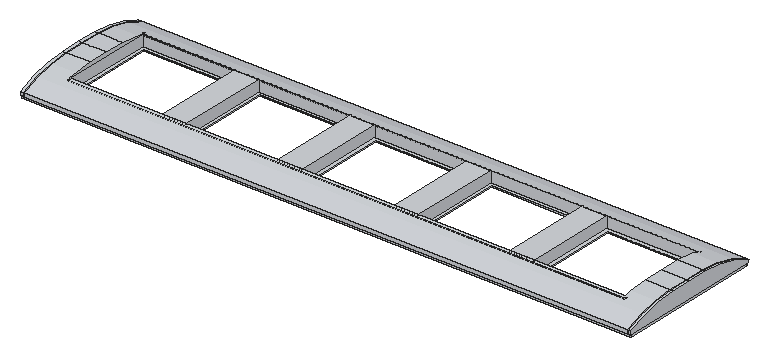
Revit family "Gira_0215803", category Electrical Fixtures, host Face, Revit 2017
Family settings
  Host = Face
  Maintain Annotation Orientation = No
  Round Connector Dimension = Use Diameter
  Part Type = Normal
  Cut with Voids When Loaded = No
  Shared = No
  Room Calculation Point = No
Parameters (values of type "Cov.fr. 5-g interm.fr. PW Gira Event p.white")
  With mounting grid = "No"
  With hinged lid = "No"
  URL = "http://katalog.gira.de/en/datenblatt.html?artikelnr=0215803"
  Type of fastening = "Clamp mounting"
  Transparent = "No"
  Surface protection = "Other"
  Suitable for wall duct = "No"
  Suitable for flush-mounted installation = "Yes"
  Suitable for floor box = "No"
  Suitable for built-in installation = "No"
  Number of units vertical = "5"
  Number of units horizontal = "5"
  Number of units = "5"
  Name = "Cov.fr. 5-g interm.fr. PW Gira Event p.white"
  Mounting direction = "Horizontal and vertical"
  Material quality = "Thermoplastic"
  Material = "Plastic"
  Manufacturer URL = "https://www.gira.de/"
  Manufacturer = "Gira"
  Label space/information surface = "No"
  Keynote = ""
  HeinzeBIM = "https://bimportal.heinze.de/bim/cov-fr-5-g-interm-fr-pw-gira-event-p-white/d24a23cf092a5f8a08a1384303aa3f2c50bfe83d"
  Halogen free = "Yes"
  HAN = "0215803"
  GTIN = "4010337070047"
  Description = "Cov.fr.5g i.fr.PW Event PW,Gira Event frames,pure white glossy with pure white glossy intermediate frame,5-gang,Features:,- Shatter-proof."
  Degree of protection (IP) = "IP20"
  Default Elevation = 1219.2 mm
  Data sheet (1) = "https://katalog.gira.de/en/download.html?artikelnr=0215803"
  Colour = "White"
  Category = "Cover frame for domestic switching devices"
  BIM (1) = "https://media.stage.bim.site/public/gira/36a6b08/Event_Rahmen_5fach.rfa"
  Available = "No"
Reference planes
  plane 1 "Center (Front/Back)": y = 0
  plane 2: z = 0
  plane 3 "Center (Left/Right)": x = 0
Forms (mm)
  Extrusion 1, solid, detail levels fine
    sketch origin (0, 0, 0.05) x (0, 1, 0) y (0, 0, 1)
      loop
        arc (12.445, 9.683) -> (6.223, 9.833) -> (0, 9.85) r 291.636
        arc (0, 9.85) -> (-6.223, 9.833) -> (-12.445, 9.683) r 291.636
        arc (-12.445, 9.683) -> (-29.14, 7.482) -> (-45, 1.823) r 79.728
        line (-45, 1.823) -> (-45, -0.05) -> (-42.086, -0.05)
        arc (-42.086, -0.05) -> (-21.385, 5.559) -> (0, 7.206) r 114.424
        arc (0, 7.206) -> (21.385, 5.559) -> (42.086, -0.05) r 114.424
        line (42.086, -0.05) -> (45, -0.05) -> (45, 1.823)
        arc (45, 1.823) -> (29.14, 7.482) -> (12.445, 9.683) r 79.728
    from -185.578 to 185.593
  Extrusion 2, void, detail levels fine
    sketch origin (0, 0, 0) x (1, 0, 0) y (0, 1, 0)
      loop
        line (170.607, 28) -> (-170.593, 28) -> (-170.593, -28) -> (170.607, -28) -> (170.607, 28)
    from 0.724 to 11
  Extrusion 3, solid, detail levels coarse
    sketch origin (0, 0, 0) x (1, 0, 0) y (0, 1, 0)
      loop
        line (-187.578, 45) -> (-187.578, -45) -> (187.593, -45) -> (187.593, 45) -> (-187.578, 45)
    from -1.5 to 9.9
  Extrusion 4, solid, detail levels medium
    sketch origin (0, 0, 0.05) x (0, 1, 0) y (0, 0, 1)
      loop
        arc (12.445, 9.683) -> (6.223, 9.833) -> (0, 9.85) r 291.636
        arc (0, 9.85) -> (-6.223, 9.833) -> (-12.445, 9.683) r 291.636
        arc (-12.445, 9.683) -> (-29.14, 7.482) -> (-45, 1.823) r 79.728
        line (-45, 1.823) -> (-45, -0.05) -> (45, -0.05) -> (45, 1.823)
        arc (45, 1.823) -> (29.14, 7.482) -> (12.445, 9.683) r 79.728
    from -187.578 to 187.593
  Extrusion 5, solid, detail levels fine
    sketch origin (-142.578, 0, -1.5) x (0, 1, 0) y (0, 0, -1)
      loop
        line (45, -3.373) -> (45, -1.5) -> (-45, -1.5) -> (-45, -3.373)
        arc (-45, -3.373) -> (-29.14, -9.032) -> (-12.445, -11.233) r 79.728
        arc (-12.445, -11.233) -> (-6.223, -11.383) -> (0, -11.4) r 291.636
        arc (0, -11.4) -> (6.223, -11.383) -> (12.445, -11.233) r 291.636
        arc (12.445, -11.233) -> (29.14, -9.032) -> (45, -3.373) r 79.728
    from 43 to 45
  Extrusion 6, solid, detail levels fine
    sketch origin (0, 0, 0) x (1, 0, 0) y (0, 1, 0)
      loop
        line (-168.493, 25.7) -> (-168.493, -25.7) -> (-116.693, -25.7) -> (-116.693, 25.7) -> (-168.493, 25.7)
      loop
        line (-45.398, -25.7) -> (-45.398, 25.7) -> (-97.198, 25.7) -> (-97.198, -25.7) -> (-45.398, -25.7)
      loop
        line (-171.487, 28.49) -> (-171.487, -28.495)
        spline (-171.487, -28.495) -> (-171.479, -28.625) -> (-171.453, -28.754) -> (-171.411, -28.878) -> (-171.353, -28.995) -> (-171.281, -29.104) -> (-171.194, -29.202) -> (-171.096, -29.288) -> (-170.987, -29.361) -> (-170.87, -29.419) -> (-170.746, -29.461) -> (-170.618, -29.486) -> (-170.487, -29.495)
        line (-170.487, -29.495) -> (170.502, -29.495)
        spline (170.502, -29.495) -> (170.633, -29.486) -> (170.761, -29.461) -> (170.885, -29.419) -> (171.002, -29.361) -> (171.111, -29.288) -> (171.209, -29.202) -> (171.296, -29.104) -> (171.368, -28.995) -> (171.426, -28.878) -> (171.468, -28.754) -> (171.494, -28.625) -> (171.502, -28.495)
        line (171.502, -28.495) -> (171.502, 28.49)
        spline (171.502, 28.49) -> (171.494, 28.62) -> (171.468, 28.748) -> (171.426, 28.872) -> (171.368, 28.99) -> (171.296, 29.098) -> (171.209, 29.197) -> (171.111, 29.283) -> (171.002, 29.356) -> (170.885, 29.413) -> (170.761, 29.456) -> (170.633, 29.481) -> (170.502, 29.49)
        line (170.502, 29.49) -> (-170.487, 29.49)
        spline (-170.487, 29.49) -> (-170.618, 29.481) -> (-170.746, 29.456) -> (-170.87, 29.413) -> (-170.987, 29.356) -> (-171.096, 29.283) -> (-171.194, 29.197) -> (-171.281, 29.098) -> (-171.353, 28.99) -> (-171.411, 28.872) -> (-171.453, 28.748) -> (-171.479, 28.62) -> (-171.487, 28.49)
      loop
        line (25.902, -25.7) -> (25.902, 25.7) -> (-25.898, 25.7) -> (-25.898, -25.7) -> (25.902, -25.7)
      loop
        line (97.207, -25.7) -> (97.207, 25.7) -> (45.407, 25.7) -> (45.407, -25.7) -> (97.207, -25.7)
      loop
        line (168.507, -25.7) -> (168.507, 25.7) -> (116.707, 25.7) -> (116.707, -25.7) -> (168.507, -25.7)
    from 0.1 to 7.3
  Extrusion 7, solid
    sketch origin (0, 0, 0) x (1, 0, 0) y (0, 1, 0)
      loop
        arc (-187.293, -44.218) -> (-187.146, -44.572) -> (-186.793, -44.718) r 0.5
        line (-186.793, -44.718) -> (186.807, -44.718)
        arc (186.807, -44.718) -> (187.161, -44.572) -> (187.307, -44.218) r 0.5
        line (187.307, -44.218) -> (187.307, 44.182)
        arc (187.307, 44.182) -> (187.161, 44.535) -> (186.807, 44.682) r 0.5
        line (186.807, 44.682) -> (-186.793, 44.682)
        arc (-186.793, 44.682) -> (-187.146, 44.535) -> (-187.293, 44.182) r 0.5
        line (-187.293, 44.182) -> (-187.293, -44.218)
      loop
        line (-185.593, 42.982) -> (-185.593, -43.018) -> (185.607, -43.018) -> (185.607, 42.982) -> (-185.593, 42.982)
    from -1.5 to 0.5
  Extrusion 8, solid, detail levels fine
    sketch origin (142.593, 0, -1.5) x (0, 1, 0) y (0, 0, 1)
      loop
        arc (45, 3.373) -> (29.14, 9.032) -> (12.445, 11.233) r 79.728
        arc (12.445, 11.233) -> (6.223, 11.383) -> (0, 11.4) r 291.636
        arc (0, 11.4) -> (-6.223, 11.383) -> (-12.445, 11.233) r 291.636
        arc (-12.445, 11.233) -> (-29.14, 9.032) -> (-45, 3.373) r 79.728
        line (-45, 3.373) -> (-45, 1.5) -> (45, 1.5) -> (45, 3.373)
    from 43 to 45
  Extrusion 9, solid, detail levels medium
    sketch origin (0, 0, 0) x (1, 0, 0) y (0, 1, 0)
      loop
        line (-187.293, -44.718) -> (187.307, -44.718) -> (187.307, 44.682) -> (-187.293, 44.682) -> (-187.293, -44.718)
    from -1.5 to 0.5
  Extrusion 10, solid, detail levels fine
    sketch origin (-105.5, 0, 0) x (1, 0, 0) y (0, 1, 0)
      loop
        line (-8.943, 28.063) -> (-8.943, -27.937) -> (6.057, -27.937) -> (6.057, 28.063) -> (-8.943, 28.063)
    from 0.724 to 7.566
  Extrusion 11, solid, detail levels fine
    sketch origin (-37.085, 0, 0) x (-1, 0, 0) y (0, -1, 0)
      loop
        line (-8.943, -28.063) -> (6.057, -28.063) -> (6.057, 27.937) -> (-8.943, 27.937) -> (-8.943, -28.063)
    from 0.724 to 7.566
  Extrusion 12, solid, detail levels fine
    sketch origin (105.5, 0, 0) x (-1, 0, 0) y (0, -1, 0)
      loop
        line (-8.943, -28.063) -> (6.057, -28.063) -> (6.057, 27.937) -> (-8.943, 27.937) -> (-8.943, -28.063)
    from 0.724 to 7.566
  Extrusion 13, solid, detail levels fine
    sketch origin (37.085, 0, 0) x (1, 0, 0) y (0, 1, 0)
      loop
        line (-8.943, 28.063) -> (-8.943, -27.937) -> (6.057, -27.937) -> (6.057, 28.063) -> (-8.943, 28.063)
    from 0.724 to 7.566
Cuts and joins
  Extrusion 2 cuts Extrusion 1
  Extrusion 2 cuts Extrusion 6
Dimensions and locks
  aligned and locked: plane 2 to host face
  aligned and locked: level to host face
